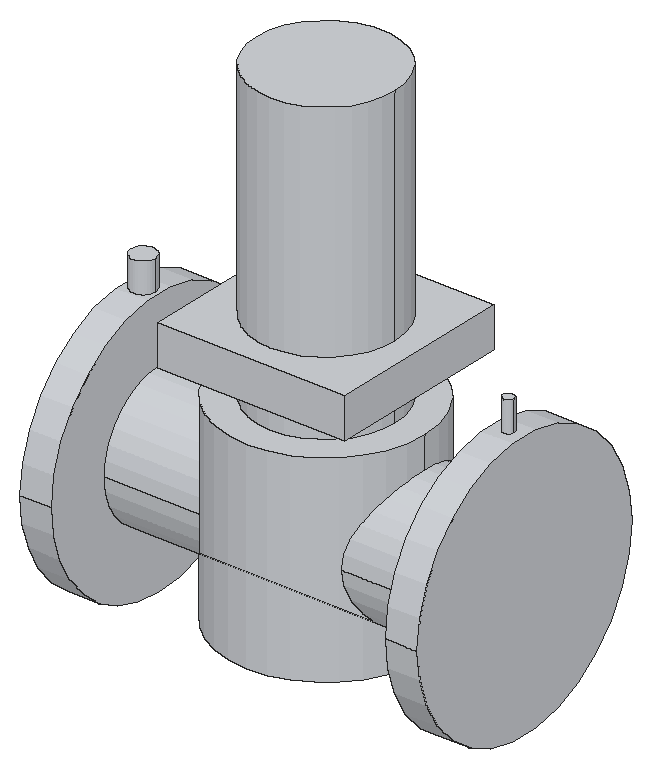
Revit family "PV_Compact_PN16_DN125_(20-100kPa)_RFA_2019", category Pipe Accessories, Revit 2019
Family settings
  Round Connector Dimension = Use Diameter
  Part Type = Valve - Breaks Into
  Work Plane-Based = No
  Always vertical = Yes
  Cut with Voids When Loaded = No
  Shared = No
Parameters (values of type "PV Compact PN16 DN125 (20-100kPa)")
  magiProductId = "e22e3bcdfcda477085ce507150ab41"
  magiProductFamilyId = "23d1f353e6b1477a88f64fef0dfa1d"
  magiPartTypeId = 304
  isMeasuringValve [instance] = no
  ang2D [instance] = 0.00°
  W2D = 50 mm
  VersionID = "2.0/2018.12.13.2/FRESE_PV_COMPACT_BIG_Q13_001"
  Use Minimum Symbol Size [instance] = no
  URL = "www.hydronic.cz"
  Type Comments = "PŘÍRUBOVÝ; PN16; dpmax=1000kPa; -10~+120°C"
  R4 = 70 mm
  R3 = 70.2 mm
  R1 = 100 mm
  QmdConnectorList = "301;D;302;D"
  Productdata [instance] = ""
  Manufacturer = "Hydronic Systems Prague s.r.o."
  Maintenance Zone Under Depth [instance] = 100 mm
  Maintenance Zone Right Depth [instance] = 100 mm
  Maintenance Zone Over Depth [instance] = 100 mm
  Maintenance Zone Left Depth [instance] = 100 mm
  Maintenance Zone Front Depth [instance] = 100 mm
  Maintenance Zone Back Depth [instance] = 100 mm
  Maintenance Zone Front Visibility [instance] = no
  MC Use Limits From Balancing Method = no
  MC Throttling Minimum Value = 0
  MC Throttling Maximum Value = 0
  MC Product Code = "53-3312 DN125 PN16; nastavitelný rozsah dp=20~100kPa; Q=19,0~76,0 m3/h;  kvs=170"
  MC Pressure Drop Minimum Value = 0.0 Pa
  MC Pressure Drop Maximum Value = 0.0 Pa
  MC Piping Given Pressure Drop [instance] = 0.0 Pa
  LF__ve = -LF  # -32 mm
  LF2 = 16 mm
  LF = 32 mm
  L4 = 188 mm
  L3 = 336 mm
  L2D_Min = 30.48 mm
  L2D = 230 mm
  L2 = 200 mm
  H6 = 225.5 mm
  H4 = 40.5 mm
  H3 = 33.75 mm
  H2 = 101.25 mm
  H1 = 202.5 mm
  Description = "Nastavitelný regulátor tlakové diference"
  DF2 = 135 mm
  D = 125 mm
  Clearance Zone Height Depth [instance] = 100 mm
  Clearance Zone Circular Radius [instance] = 200 mm
  Clearance Zone Visibility [instance] = no
  CAT0 = yes
Types (7, lengths in mm): name | magiProductId | Type Comments | R4 | R3 | R1 | MC Product Code | LF__ve | LF2 | LF | L4 | L3 | L2 | H6 | H4 | H3 | H2 | H1 | DF2 | D | Clearance Zone Circular Radius
  PV Compact PN16 DN050 (20-100kPa) | "00877ad72a9f485bb97ca64af9b4c2" | "PŘÍRUBOVÝ; PN16; dpmax=1000kPa; -10~+120°C" | 40.25 | 42.9 | 57.5 | "53-3300 DN50 PN16; nastavitelný rozsah dp=20~100kPa; Q=3,2~13 m3/h;  kvs=29" | -18.4 | 9.2 | 18.4 | 108.1 | 193.2 | 115 | 82.25 | 24.75 | 20.625 | 61.875 | 123.75 | 82.5 | 50 | 115
  PV Compact PN16 DN065 (20-100kPa) | "4caf92840fdb43d88ad3b460526bbd" | "PŘÍRUBOVÝ; PN16; dpmax=1000kPa; -10~+120°C" | 50.75 | 48.1 | 72.5 | "53-3303 DN65 PN16; nastavitelný rozsah dp=20~100kPa; Q=4,7~18,8 m3/h;  kvs=42" | -23.2 | 11.6 | 23.2 | 136.3 | 243.6 | 145 | 105.25 | 27.75 | 23.125 | 69.375 | 138.75 | 92.5 | 65 | 145
  PV Compact PN16 DN080 (20-100kPa) | "fe1ae4728650433e927a6ac465ecb1" | "PŘÍRUBOVÝ; PN16; dpmax=1000kPa; -10~+120°C" | 54.25 | 52 | 77.5 | "53-3306 DN80 PN16; nastavitelný rozsah dp=20~100kPa; Q=7,5~30 m3/h;  kvs=67" | -24.8 | 12.4 | 24.8 | 145.7 | 260.4 | 155 | 141 | 30 | 25 | 75 | 150 | 100 | 80 | 155
  PV Compact PN16 DN100 (20-100kPa) | "9ee8abb4b353443d9e820e5bd3bf33" | "PŘÍRUBOVÝ; PN16; dpmax=1000kPa; -10~+120°C" | 61.25 | 61.1 | 87.5 | "53-3309 DN100 PN16; nastavitelný rozsah dp=20~100kPa; Q=12,9~51,4 m3/h;  kvs=115" | -28 | 14 | 28 | 164.5 | 294 | 175 | 234.75 | 35.25 | 29.375 | 88.125 | 176.25 | 117.5 | 100 | 175
  PV Compact PN16 DN125 (20-100kPa) | "e22e3bcdfcda477085ce507150ab41" | "PŘÍRUBOVÝ; PN16; dpmax=1000kPa; -10~+120°C" | 70 | 70.2 | 100 | "53-3312 DN125 PN16; nastavitelný rozsah dp=20~100kPa; Q=19,0~76,0 m3/h;  kvs=170" | -32 | 16 | 32 | 188 | 336 | 200 | 225.5 | 40.5 | 33.75 | 101.25 | 202.5 | 135 | 125 | 200
  PV Compact PN16 DN150 (20-100kPa) | "c042f62d475c462ea84624600fc620" | "PŘÍRUBOVÝ; PN16; dpmax=1000kPa; -10~+120°C" | 84 | 74.1 | 120 | "53-3315 DN150 PN16; nastavitelný rozsah dp=20~100kPa; Q=28,0~112 m3/h;  kvs=250" | -38.4 | 19.2 | 38.4 | 225.6 | 403.2 | 240 | 256.25 | 42.75 | 35.625 | 106.875 | 213.75 | 142.5 | 150 | 240
  PV Compact PN16 DN200 (20-100kPa) | "073b87d1a570497386745af6d59d88" | "PŘÍRUBOVÝ; PN16; dpmax=1000kPa; -10~+110°C" | 105 | 98.8 | 150 | "53-3318 DN200 PN16; nastavitelný rozsah dp=20~100kPa; Q=30,7~123 m3/h;  kvs=275" | -48 | 24 | 48 | 282 | 504 | 300 | 150 | 57 | 47.5 | 142.5 | 285 | 190 | 200 | 300
Reference planes
  plane 1 "Center (Front/Back)": y = 0
  plane 2 "XYPLANE": z = 0
  plane 3 "Center (Left/Right)": x = 0
  plane 4 "257": y = -135
  plane 5 "256": y = 135
  plane 6 "255": z = -135
  plane 7 "254": y = -235
  plane 8 "253": y = 235
  plane 9 "252": x = -300
  plane 10 "251": x = 300
  plane 11 "250": z = 501
  plane 12 "249": z = -235
  plane 13 "248": z = 501
  plane 14 "247": z = 401
  plane 15 "157": x = 184
  plane 16 "156": x = -184
  plane 17 "155": z = 135
  plane 18 "154": z = 175.5
  plane 19 "153": z = 135
  plane 20 "152": z = 101.25
  plane 21 "151": x = -168
  plane 22 "150": z = -101.25
  plane 23 "149": x = 0
  plane 24 "148": y = 0
  plane 25 "147": z = 0
  plane 26 "146": x = -200
  plane 27 "145": x = 200
Forms (mm)
  Blend 1, solid, visible <- "Maintenance Zone Front Visibility"
    base sketch origin (-750, 0, -235) x (1, 0, 0) y (0, 1, 0)
      loop
        line (450, 235) -> (450, -235) -> (1050, -235) -> (1050, 235) -> (450, 235)
    top sketch origin (-750, 0, -235) x (1, 0, 0) y (0, 1, 0)
      loop
        line (450, 235) -> (450, -235) -> (1050, -235) -> (1050, 235) -> (450, 235)
    from 0 to 736
  Blend 2, solid, visible <- "Clearance Zone Visibility"
    base sketch origin (-750, 0, 0) x (1, 0, 0) y (0, 1, 0)
      loop
        circle (750, 0) r 200
    top sketch origin (-750, 0, 0) x (1, 0, 0) y (0, 1, 0)
      loop
        circle (750, 0) r 200
    from 0 to 501
  Extrusion 3, solid, visible <- "CAT0"
    sketch origin (-750, 0, 135) x (1, 0, 0) y (0, 1, 0)
      loop
        circle (934, 0) r 5.5
    from 0 to 30
  Extrusion 4, solid, visible <- "CAT0"
    sketch origin (-750, 0, 135) x (1, 0, 0) y (0, 1, 0)
      loop
        circle (566, 0) r 12.3
    from 0 to 30
  Extrusion 5, solid
    sketch origin (-750, 0, 175.5) x (1, 0, 0) y (0, 1, 0)
      loop
        circle (750, 0) r 70
    from 0 to 225.5 <- "H6"
  Extrusion 6, solid, visible <- "CAT0"
    sketch origin (-750, 0, 135) x (1, 0, 0) y (0, 1, 0)
      loop
        line (844, 94) -> (656, 94) -> (656, -94) -> (844, -94) -> (844, 94)
    from 0 to 40.5 <- "H4"
  Extrusion 7, solid, visible <- "CAT0"
    sketch origin (-750, 0, 101.25) x (1, 0, 0) y (0, 1, 0)
      loop
        circle (750, 0) r 70
    from 0 to 33.75 <- "H3"
  Extrusion 8, solid, visible <- "CAT0"
    sketch origin (-168, -750, 0) x (0, 1, 0) y (0, 0, 1)
      loop
        circle (750, 0) r 70.2
    from 0 to 336 <- "L3"
  Extrusion 9, solid, visible <- "CAT0"
    sketch origin (-750, 0, -101.25) x (1, 0, 0) y (0, 1, 0)
      loop
        circle (750, 0) r 100
    from 0 to 202.5 <- "H1"
  Extrusion 10, solid, visible <- "CAT0"
    sketch origin (-200, -750, 0) x (0, 1, 0) y (0, 0, 1)
      loop
        circle (750, 0) r 135
    from 0 to 32 <- "LF"
  Extrusion 11, solid, visible <- "CAT0"
    sketch origin (200, -750, 0) x (0, 1, 0) y (0, 0, 1)
      loop
        circle (750, 0) r 135
    from 0 to -32 <- "LF__ve"
  Extrusion 12, solid, not visible
    sketch origin (-200, -750, 0) x (0, 1, 0) y (0, 0, 1)
      loop
        circle (750, 0) r 10
    from 0 to 10
  Extrusion 13, solid, not visible
    sketch origin (200, -750, 0) x (0, 1, 0) y (0, 0, 1)
      loop
        circle (750, 0) r 10
    from 0 to -10
Lines and regions (mm)
  reference lines, not visible
    curve 1: circle (2, 2, 0) r 1 normal (0, 0, 1)
  reference lines
    curve 2: circle (0, 0, 135) r 1 normal (0, 0, 1)
Dimensions and locks
  plane 1 "Center (Front/Back)" to curve 1 = 2 mm
  "DF2": plane 24 "148" to plane 4 "257"
  "DF2": plane 24 "148" to plane 5 "256"
  "DF2": plane 25 "147" to plane 6 "255"
  "Maintenance Zone Front Depth": plane 4 "257" to plane 7 "254"
  "Maintenance Zone Back Depth": plane 5 "256" to plane 8 "253"
  "Maintenance Zone Left Depth": plane 26 "146" to plane 9 "252"
  "Maintenance Zone Right Depth": plane 27 "145" to plane 10 "251"
  "Maintenance Zone Over Depth": plane 14 "247" to plane 11 "250"
  "Maintenance Zone Under Depth": plane 6 "255" to plane 12 "249"
  "Clearance Zone Height Depth": plane 14 "247" to plane 13 "248"
  "H6": plane 18 "154" to plane 14 "247"
  "LF2": plane 27 "145" to plane 15 "157"
  "LF2": plane 26 "146" to plane 16 "156"
  "DF2": plane 2 "XYPLANE" to plane 17 "155"
  "H4": plane 19 "153" to plane 18 "154"
  "H3": plane 20 "152" to plane 19 "153"
  "H1": plane 22 "150" to plane 20 "152"
  "LF": plane 26 "146" to plane 21 "151"
  "H2": plane 2 "XYPLANE" to plane 22 "150"
  locked: plane 3 "Center (Left/Right)" to plane 23 "149"
  locked: plane 1 "Center (Front/Back)" to plane 24 "148"
  locked: plane 2 "XYPLANE" to plane 25 "147"
  "L2": plane 3 "Center (Left/Right)" to plane 26 "146"
  "L2": plane 3 "Center (Left/Right)" to plane 27 "145"
  Blend 1 sketch curve to Blend 1 sketch curve = 0 mm  (x16)
  equal spacing: Extrusion 6 sketch curve, curve 2, Extrusion 6 sketch curve  (x2)
  "L4": Extrusion 6 sketch curve to Extrusion 6 sketch curve  (x2)
  Extrusion 6 sketch curve to Extrusion 6 sketch curve = 0 mm  (x8)
  "Clearance Zone Circular Radius": radius of Blend 2 sketch curve  (x2)
  "R4": radius of Extrusion 5 sketch curve
  "R4": radius of Extrusion 7 sketch curve
  "R3": radius of Extrusion 8 sketch curve
  "R1": radius of Extrusion 9 sketch curve
  "DF2": radius of Extrusion 10 sketch curve
  "DF2": radius of Extrusion 11 sketch curve
  aligned and locked: level to plane 2 "XYPLANE"
  aligned and locked: Blend 1 sketch curve to plane 8 "253"  (x2)
  aligned and locked: plane 9 "252" to Blend 1 sketch curve  (x4)
  aligned and locked: plane 10 "251" to Blend 1 sketch curve  (x4)
  aligned and locked: plane 8 "253" to Blend 1 sketch curve  (x2)
  aligned and locked: plane 7 "254" to Blend 1 sketch curve  (x4)
  aligned and locked: plane 11 "250" to Blend 1
  aligned and locked: plane 23 "149" to Blend 2 sketch curve  (x2)
  aligned and locked: plane 24 "148" to Blend 2 sketch curve  (x2)
  aligned and locked: plane 13 "248" to Blend 2
  aligned and locked: plane 15 "157" to Extrusion 3 sketch curve
  aligned and locked: plane 24 "148" to Extrusion 3 sketch curve
  aligned and locked: plane 16 "156" to Extrusion 4 sketch curve
  aligned and locked: plane 24 "148" to Extrusion 4 sketch curve
  aligned and locked: plane 23 "149" to Extrusion 5 sketch curve
  aligned and locked: plane 24 "148" to Extrusion 5 sketch curve
  aligned and locked: plane 23 "149" to curve 2
  aligned and locked: plane 24 "148" to curve 2
  aligned and locked: plane 23 "149" to Extrusion 7 sketch curve
  aligned and locked: plane 24 "148" to Extrusion 7 sketch curve
  aligned and locked: Extrusion 8 sketch curve to plane 24 "148"
  aligned and locked: plane 25 "147" to Extrusion 8 sketch curve
  aligned and locked: plane 23 "149" to Extrusion 9 sketch curve
  aligned and locked: plane 24 "148" to Extrusion 9 sketch curve
  aligned and locked: Extrusion 10 sketch curve to plane 24 "148"
  aligned and locked: plane 25 "147" to Extrusion 10 sketch curve
  aligned and locked: Extrusion 11 sketch curve to plane 24 "148"
  aligned and locked: plane 25 "147" to Extrusion 11 sketch curve
  aligned and locked: Extrusion 12 sketch curve to plane 24 "148"
  aligned and locked: plane 25 "147" to Extrusion 12 sketch curve
  aligned and locked: Extrusion 13 sketch curve to plane 24 "148"
  aligned and locked: plane 25 "147" to Extrusion 13 sketch curve
Automatic sketch dimensions
  Extrusion 3 sketch curve to plane 15 "157" = 5.5 mm
  plane 26 "146" to Extrusion 4 sketch curve = 3.7 mm
  plane 1 "Center (Front/Back)" to Extrusion 12 sketch curve = 10 mm
  plane 1 "Center (Front/Back)" to Extrusion 13 sketch curve = 10 mm
  plane 3 "Center (Left/Right)" to curve 1 = 2 mm
  plane 21 "151" to Extrusion 6 sketch curve = 74 mm
  plane 4 "257" to Extrusion 6 sketch curve = 41 mm
  radius of curve 2 = 1 mm
  radius of curve 1 = 1 mm
Connectors
  piping at (-200, 0, 0), diameter 125, driven by "D"
    settings: on Extrusion 12, index 1, connector inside diameter 609.6 mm, connector length 0 mm, flow factor 0, pipe flow 0.0 L/s, pressure drop 0.0 Pa, fitting loss kfactor 0, connector angle 0.00°, fixture units 0, engagement length 0 mm, angle of deflection 0.00°, flow configuration 0, flow direction 0, fitting loss method 0, system type 29, joint type 0, gender type 0, connector reference index 2, connector utility 0, adjustable connector no, is connector primary yes, connector description ""
  piping at (200, 0, 0), diameter 125, driven by "D"
    settings: on Extrusion 13, index 2, connector inside diameter 609.6 mm, connector length 0 mm, flow factor 0, pipe flow 0.0 L/s, pressure drop 0.0 Pa, fitting loss kfactor 0, connector angle 0.00°, fixture units 0, engagement length 0 mm, angle of deflection 0.00°, flow configuration 0, flow direction 0, fitting loss method 0, system type 29, joint type 0, gender type 0, connector reference index 1, connector utility 0, adjustable connector no, is connector primary no, connector description ""
